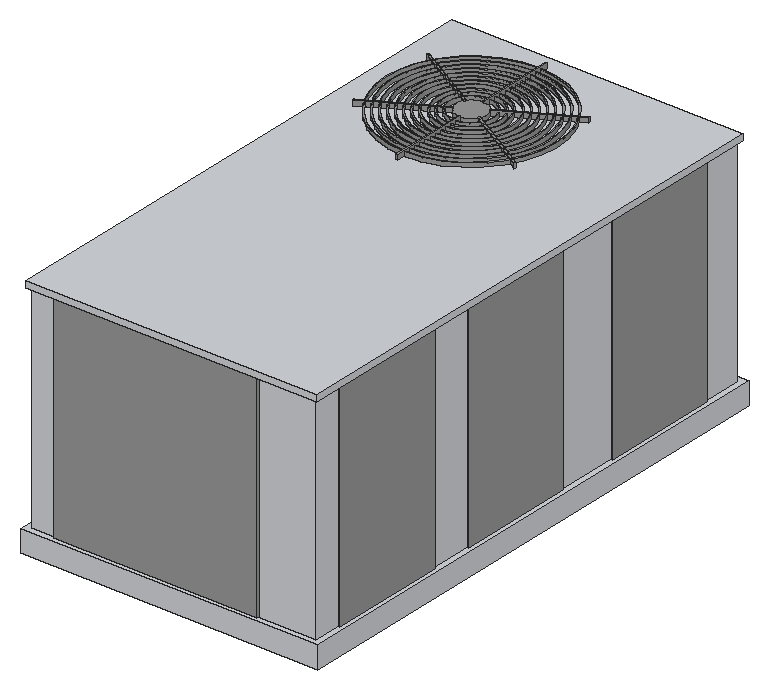
Revit family "RTU-2", category Mechanical Equipment, host Face, Revit 2025
Family settings
  Host = Face
  Round Connector Dimension = Use Diameter
  Classification = None
  Part Type = Normal
  Cut with Voids When Loaded = No
  Maintain Annotation Orientation = No
  Shared = No
  Room Calculation Point = No
Parameters (values of type "LCH 072 H4E E 1Y")
  Width = 47"
  URL = "https://tech.lennoxintl.com/C03e7o14l/VIu12Ch2uV/ehb_lch_abox_2103.pdf"
  Model = "LCH 072 H4E E 1Y"
  Manufacturer = "LENNOX"
  Length = 85 1/4"
  Grill Material = Steel, Paint Finish, Dark Gray
  Default Elevation = 48"
Reference planes (in)
  plane 1 "Center (Front/Back)": y = 0
  plane 2: z = 0
  plane 3 "Center (Left/Right)": x = 0
  plane 4: x = -30.90625
  plane 5: x = -31.90625
  plane 6: x = -32.90625
  plane 7: x = -33.90625
  plane 8: x = -34.90625
  plane 9: x = -35.90625
  plane 10: x = -36.90625
  plane 11: x = -37.90625
  plane 12: x = -38.90625
  plane 13: x = -39.90625
  plane 14: x = -40.90625
  plane 15: x = -42.34375
  plane 16: x = -41.03125
  plane 17: x = -41.90625
  plane 18: x = -41.90567
  plane 19: y = 22.75058
  plane 20: y = 21.75058
  plane 21: y = 20.75058
  plane 22: y = 19.75058
  plane 23: y = 18.75058
  plane 24: y = 17.75058
  plane 25: y = 16.75058
  plane 26: y = 15.75058
  plane 27: y = 14.75058
  plane 28: y = 13.75058
  plane 29: y = 12.75058
  plane 30: y = 11.31308
  plane 31: y = 12.62558
  plane 32: y = 11.75058
  plane 33: y = 11.75117
  plane 34: through (-19.01548, 19.50279, 94.70355) normal (0.866, 0.5, 0)
  plane 35: through (-17.13782, 18.87558, 94.70355) normal (-0.866, -0.5, 0)
  plane 36: through (6.39048, 19.50279, 94.70355) normal (0.866, -0.5, 0)
  plane 37: through (4.51282, 18.87558, 94.70355) normal (-0.866, 0.5, 0)
  plane 38: y = 38.93808
  plane 39: y = 37.62558
  plane 40: through (-19.01548, 30.74838, 94.70355) normal (-0.866, 0.5, 0)
  plane 41: through (-17.13782, 31.37558, 94.70355) normal (0.866, -0.5, 0)
  plane 42: through (6.39048, 30.74838, 94.70355) normal (-0.866, -0.5, 0)
  plane 43: through (4.51282, 31.37558, 94.70355) normal (0.866, 0.5, 0)
  plane 44: through (-34.15405, 50.35923, 110.75) normal (0.5, -0.866, 0)
  plane 45: through (-34.78125, 48.48157, 110.75) normal (-0.5, 0.866, 0)
  plane 46: through (-34.15405, 24.95327, 110.75) normal (-0.5, -0.866, 0)
  plane 47: through (-34.78125, 26.83093, 110.75) normal (0.5, 0.866, 0)
  plane 48: x = -14.71875
  plane 49: x = -16.03125
  plane 50: through (-22.90845, 50.35923, 110.75) normal (0.5, 0.866, 0)
  plane 51: through (-22.28125, 48.48157, 110.75) normal (-0.5, -0.866, 0)
  plane 52: through (-22.90845, 24.95327, 110.75) normal (-0.5, 0.866, 0)
  plane 53: through (-22.28125, 26.83093, 110.75) normal (0.5, -0.866, 0)
  plane 54: y = 16.875
  plane 55: x = 14
  plane 56: y = -16.125
  plane 57: x = 16.875
  plane 58: y = -0.75
  plane 59: x = -8.5
Forms (in)
  Extrusion 1, solid
    sketch origin (0, 0, 0) x (1, 0, 0) y (0, 1, 0)
      loop
        line (-23.5, 42.625) -> (-23.5, -42.625) -> (23.5, -42.625) -> (23.5, 42.625) -> (-23.5, 42.625)
    from 0 to 3.5
  Extrusion 2, solid, material "Steel, Paint Finish, Dark Gray" <- "Grill Material", not visible
    sketch origin (0, 0, 54.625) x (1, 0, 0) y (0, 1, 0)
      loop
        circle (-28.53125, 37.65625) r 2.375
      loop
        circle (-28.53125, 37.65625) r 3.375
      loop
        circle (-28.53125, 37.65625) r 3.5
      loop
        circle (-28.53125, 37.65625) r 4.375
      loop
        circle (-28.53125, 37.65625) r 5.25
      loop
        circle (-28.53125, 37.65625) r 4.5
      loop
        circle (-28.53125, 37.65625) r 5.375
      loop
        circle (-28.53125, 37.65625) r 6.375
      loop
        circle (-28.53125, 37.65625) r 7.375
      loop
        circle (-28.53125, 37.65625) r 9.375
      loop
        circle (-28.53125, 37.65625) r 10.375
      loop
        circle (-28.53125, 37.65625) r 11.375
      loop
        circle (-28.53125, 37.65625) r 12.375
      loop
        circle (-28.53125, 37.65625) r 12.5
      loop
        circle (-28.53125, 37.65625) r 7.5
      loop
        circle (-28.53125, 37.65625) r 9.5
      loop
        circle (-28.53125, 37.65625) r 10.5
      loop
        circle (-28.53125, 37.65625) r 11.5
      loop
        circle (-28.53125, 37.65625) r 8.375
      loop
        circle (-28.53125, 37.65625) r 8.5
      loop
        circle (-28.53125, 37.65625) r 6.5
      loop
        circle (-28.53125, 37.65625) r 13.375
      loop
        circle (-28.53125, 37.65625) r 13.5
    from 0 to 0.625
  Extrusion 3, solid, material "Steel, Paint Finish, Dark Gray" <- "Grill Material", not visible
    sketch origin (0, 0, 55.75) x (1, 0, 0) y (0, 1, 0)
      loop
        line (-43.28067, 37.78125) -> (-43.28067, 37.53125) -> (-30.90296, 37.53125)
        arc (-30.90296, 37.53125) -> (-30.90543, 37.59373) -> (-30.90625, 37.65625) r 2.375
        arc (-30.90625, 37.65625) -> (-30.90543, 37.71877) -> (-30.90296, 37.78125) r 2.375
        line (-30.90296, 37.78125) -> (-43.28067, 37.78125)
    from -1.125 to -0.3427
  Extrusion 4, solid, material "Steel, Paint Finish, Dark Gray" <- "Grill Material"
    sketch origin (31.34375, 53.65683, 38.57855) x (0, 1, 0) y (-1, 0, 0)
      loop
        circle (-28.53125, 37.65625) r 2.375
      loop
        circle (-28.53125, 37.65625) r 3.375
      loop
        circle (-28.53125, 37.65625) r 3.5
      loop
        circle (-28.53125, 37.65625) r 4.375
      loop
        circle (-28.53125, 37.65625) r 5.25
      loop
        circle (-28.53125, 37.65625) r 4.5
      loop
        circle (-28.53125, 37.65625) r 5.375
      loop
        circle (-28.53125, 37.65625) r 6.375
      loop
        circle (-28.53125, 37.65625) r 7.375
      loop
        circle (-28.53125, 37.65625) r 9.375
      loop
        circle (-28.53125, 37.65625) r 10.375
      loop
        circle (-28.53125, 37.65625) r 11.375
      loop
        circle (-28.53125, 37.65625) r 12.375
      loop
        circle (-28.53125, 37.65625) r 12.5
      loop
        circle (-28.53125, 37.65625) r 7.5
      loop
        circle (-28.53125, 37.65625) r 9.5
      loop
        circle (-28.53125, 37.65625) r 10.5
      loop
        circle (-28.53125, 37.65625) r 11.5
      loop
        circle (-28.53125, 37.65625) r 8.375
      loop
        circle (-28.53125, 37.65625) r 8.5
      loop
        circle (-28.53125, 37.65625) r 6.5
      loop
        circle (-28.53125, 37.65625) r 13.375
      loop
        circle (-28.53125, 37.65625) r 13.5
    from 0 to 0.625
  Extrusion 5, solid, material "Steel, Paint Finish, Dark Gray" <- "Grill Material"
    sketch origin (31.34375, 53.65683, 39.70355) x (0, 1, 0) y (-1, 0, 0)
      loop
        line (-43.28067, 37.78125) -> (-43.28067, 37.53125) -> (-30.90296, 37.53125)
        arc (-30.90296, 37.53125) -> (-30.90543, 37.59373) -> (-30.90625, 37.65625) r 2.375
        arc (-30.90625, 37.65625) -> (-30.90543, 37.71877) -> (-30.90296, 37.78125) r 2.375
        line (-30.90296, 37.78125) -> (-43.28067, 37.78125)
    from -1.125 to -0.3427
  Extrusion 6, solid, material "Steel, Paint Finish, Dark Gray" <- "Grill Material"
    sketch origin (37.22441, 6.77994, 39.70355) x (0.866025, 0.5, 0) y (-0.5, 0.866025, 0)
      loop
        line (-43.28067, 37.78125) -> (-43.28067, 37.53125) -> (-30.90296, 37.53125)
        arc (-30.90296, 37.53125) -> (-30.90543, 37.59373) -> (-30.90625, 37.65625) r 2.375
        arc (-30.90625, 37.65625) -> (-30.90543, 37.71877) -> (-30.90296, 37.78125) r 2.375
        line (-30.90296, 37.78125) -> (-43.28067, 37.78125)
    from -1.125 to -0.3427
  Extrusion 7, solid, material "Steel, Paint Finish, Dark Gray" <- "Grill Material"
    sketch origin (-49.84941, 6.77994, 39.70355) x (-0.866025, 0.5, 0) y (-0.5, -0.866025, 0)
      loop
        line (-43.28067, -37.78125) -> (-30.90296, -37.78125)
        arc (-30.90296, -37.78125) -> (-30.90543, -37.71877) -> (-30.90625, -37.65625) r 2.375
        arc (-30.90625, -37.65625) -> (-30.90543, -37.59373) -> (-30.90296, -37.53125) r 2.375
        line (-30.90296, -37.53125) -> (-43.28067, -37.53125) -> (-43.28067, -37.78125)
    from -1.125 to -0.3427
  Extrusion 8, solid, material "Steel, Paint Finish, Dark Gray" <- "Grill Material"
    sketch origin (31.34375, -3.40567, 39.70355) x (0, -1, 0) y (1, 0, 0)
      loop
        line (-43.28067, -37.78125) -> (-30.90296, -37.78125)
        arc (-30.90296, -37.78125) -> (-30.90543, -37.71877) -> (-30.90625, -37.65625) r 2.375
        arc (-30.90625, -37.65625) -> (-30.90543, -37.59373) -> (-30.90296, -37.53125) r 2.375
        line (-30.90296, -37.53125) -> (-43.28067, -37.53125) -> (-43.28067, -37.78125)
    from -1.125 to -0.3427
  Extrusion 9, solid, material "Steel, Paint Finish, Dark Gray" <- "Grill Material"
    sketch origin (37.22441, 43.47123, 39.70355) x (0.866025, -0.5, 0) y (0.5, 0.866025, 0)
      loop
        line (-43.28067, -37.78125) -> (-30.90296, -37.78125)
        arc (-30.90296, -37.78125) -> (-30.90543, -37.71877) -> (-30.90625, -37.65625) r 2.375
        arc (-30.90625, -37.65625) -> (-30.90543, -37.59373) -> (-30.90296, -37.53125) r 2.375
        line (-30.90296, -37.53125) -> (-43.28067, -37.53125) -> (-43.28067, -37.78125)
    from -1.125 to -0.3427
  Extrusion 10, solid, material "Steel, Paint Finish, Dark Gray" <- "Grill Material"
    sketch origin (-49.84941, 43.47123, 39.70355) x (-0.866025, -0.5, 0) y (0.5, -0.866025, 0)
      loop
        line (-43.28067, 37.78125) -> (-43.28067, 37.53125) -> (-30.90296, 37.53125)
        arc (-30.90296, 37.53125) -> (-30.90543, 37.59373) -> (-30.90625, 37.65625) r 2.375
        arc (-30.90625, 37.65625) -> (-30.90543, 37.71877) -> (-30.90296, 37.78125) r 2.375
        line (-30.90296, 37.78125) -> (-43.28067, 37.78125)
    from -1.125 to -0.3427
  Extrusion 11, solid, material "Steel, Paint Finish, Dark Gray" <- "Grill Material", not visible
    sketch origin (-46.87689, -5.88066, 55.75) x (0.5, -0.866025, 0) y (0.866025, 0.5, 0)
      loop
        line (-43.28067, 37.78125) -> (-43.28067, 37.53125) -> (-30.90296, 37.53125)
        arc (-30.90296, 37.53125) -> (-30.90543, 37.59373) -> (-30.90625, 37.65625) r 2.375
        arc (-30.90625, 37.65625) -> (-30.90543, 37.71877) -> (-30.90296, 37.78125) r 2.375
        line (-30.90296, 37.78125) -> (-43.28067, 37.78125)
    from -1.125 to -0.3427
  Extrusion 12, solid, material "Steel, Paint Finish, Dark Gray" <- "Grill Material", not visible
    sketch origin (-46.87689, 81.19316, 55.75) x (0.5, 0.866025, 0) y (-0.866025, 0.5, 0)
      loop
        line (-43.28067, -37.78125) -> (-30.90296, -37.78125)
        arc (-30.90296, -37.78125) -> (-30.90543, -37.71877) -> (-30.90625, -37.65625) r 2.375
        arc (-30.90625, -37.65625) -> (-30.90543, -37.59373) -> (-30.90296, -37.53125) r 2.375
        line (-30.90296, -37.53125) -> (-43.28067, -37.53125) -> (-43.28067, -37.78125)
    from -1.125 to -0.3427
  Extrusion 13, solid, material "Steel, Paint Finish, Dark Gray" <- "Grill Material", not visible
    sketch origin (-57.0625, 0, 55.75) x (-1, 0, 0) y (0, -1, 0)
      loop
        line (-43.28067, -37.78125) -> (-30.90296, -37.78125)
        arc (-30.90296, -37.78125) -> (-30.90543, -37.71877) -> (-30.90625, -37.65625) r 2.375
        arc (-30.90625, -37.65625) -> (-30.90543, -37.59373) -> (-30.90296, -37.53125) r 2.375
        line (-30.90296, -37.53125) -> (-43.28067, -37.53125) -> (-43.28067, -37.78125)
    from -1.125 to -0.3427
  Extrusion 14, solid, material "Steel, Paint Finish, Dark Gray" <- "Grill Material", not visible
    sketch origin (-10.18561, -5.88066, 55.75) x (-0.5, -0.866025, 0) y (0.866025, -0.5, 0)
      loop
        line (-43.28067, -37.78125) -> (-30.90296, -37.78125)
        arc (-30.90296, -37.78125) -> (-30.90543, -37.71877) -> (-30.90625, -37.65625) r 2.375
        arc (-30.90625, -37.65625) -> (-30.90543, -37.59373) -> (-30.90296, -37.53125) r 2.375
        line (-30.90296, -37.53125) -> (-43.28067, -37.53125) -> (-43.28067, -37.78125)
    from -1.125 to -0.3427
  Extrusion 15, solid, material "Steel, Paint Finish, Dark Gray" <- "Grill Material", not visible
    sketch origin (-10.18561, 81.19316, 55.75) x (-0.5, 0.866025, 0) y (-0.866025, -0.5, 0)
      loop
        line (-43.28067, 37.78125) -> (-43.28067, 37.53125) -> (-30.90296, 37.53125)
        arc (-30.90296, 37.53125) -> (-30.90543, 37.59373) -> (-30.90625, 37.65625) r 2.375
        arc (-30.90625, 37.65625) -> (-30.90543, 37.71877) -> (-30.90296, 37.78125) r 2.375
        line (-30.90296, 37.78125) -> (-43.28067, 37.78125)
    from -1.125 to -0.3427
  Extrusion 16, solid
    sketch origin (0, 0, 0) x (1, 0, 0) y (0, 1, 0)
      loop
        line (-22.5, 41.625) -> (-22.5, -41.625) -> (22.5, -41.625) -> (22.5, 41.625) -> (-22.5, 41.625)
    from 3.5 to 37.57855
  Extrusion 17, void
    sketch origin (0, 0, 0) x (1, 0, 0) y (0, 1, 0)
      loop
        line (-18.5, 8.25) -> (-18.5, -9.75) -> (1.5, -9.75) -> (1.5, 8.25) -> (-18.5, 8.25)
      loop
        line (-16.5, -26) -> (-16.5, -37) -> (12.5, -37) -> (12.5, -26) -> (-16.5, -26)
      loop
        arc (13.5, 20.875) -> (12.79289, 20.58211) -> (12.5, 19.875) r 1
        line (12.5, 19.875) -> (12.5, 13.875)
        arc (12.5, 13.875) -> (12.79289, 13.16789) -> (13.5, 12.875) r 1
        line (13.5, 12.875) -> (14.5, 12.875)
        arc (14.5, 12.875) -> (15.20711, 13.16789) -> (15.5, 13.875) r 1
        line (15.5, 13.875) -> (15.5, 19.875)
        arc (15.5, 19.875) -> (15.20711, 20.58211) -> (14.5, 20.875) r 1
        line (14.5, 20.875) -> (13.5, 20.875)
      loop
        circle (16.875, -16.125) r 1
    from 0 to 3.5
  Extrusion 18, solid
    sketch origin (0, 0, 0) x (1, 0, 0) y (0, 1, 0)
      loop
        line (-23, 42.125) -> (-23, -42.125) -> (23, -42.125) -> (23, 42.125) -> (-23, 42.125)
    from 37.57855 to 38.57855
  Extrusion 19, void
    sketch origin (0, 0, 0) x (0, 1, 0) y (0, 0, 1)
      loop
        line (39.875, 37.57855) -> (10.75738, 37.57855) -> (10.75738, 3.5) -> (39.875, 3.5) -> (39.875, 37.57855)
    from -23.5 to -21.24899
Cuts and joins
  Extrusion 17, Extrusion 19 cuts Extrusion 1
  Extrusion 17, Extrusion 19 cuts Extrusion 16
  Extrusion 19 cuts Extrusion 18
Dimensions and locks (in)
  equal spacing: Extrusion 1 sketch curve, plane 1 "Center (Front/Back)", Extrusion 1 sketch curve
  equal spacing: Extrusion 1 sketch curve, plane 3 "Center (Left/Right)", Extrusion 1 sketch curve
  "Width": Extrusion 1 sketch curve to Extrusion 1 sketch curve
  "Length": Extrusion 1 sketch curve to Extrusion 1 sketch curve
  Extrusion 1 to Extrusion 17 sketch curve = 5 5/8"
  Extrusion 1 to Extrusion 17 sketch curve = 7"
  Extrusion 1 to Extrusion 17 sketch curve = 5"
  Extrusion 1 to plane 54 = 25 3/4"
  plane 55 to Extrusion 1 = 9 1/2"
  plane 57 to Extrusion 1 = 6 5/8"
  plane 56 to Extrusion 1 = 26 1/2"
  nested 5 to level = 5 1/2"
  nested 5 to Extrusion 18 = 2"
  nested 6 to nested 5 = 18 3/8"
  cut or joined group of Extrusion 16, Extrusion 17, Extrusion 19 to cut or joined group of Extrusion 16, Extrusion 17, Extrusion 19 = 29.11762"
  equal spacing: group 3, group 4, group 5, group 6, group 7, group 8, group 9, group 10, group 11, group 12, group 13, group 14, group 15, group 16, group 17, group 18, group 19, group 20, group 21  (x2)
  equal spacing: group 21, group 20, group 19, group 18, group 17, group 16, group 15, group 14, group 13, group 12, group 11, group 10, group 9, group 8, group 7, group 6, group 5, group 4, group 3
  aligned and locked: plane 2 to host face
  aligned and locked: level to host face
Automatic sketch dimensions
  host sketch curve to host sketch curve = 96"  (x2)
  Extrusion 4 sketch curve to Extrusion 4 sketch curve = 0"  (x297)
  Extrusion 5 sketch curve to Extrusion 5 sketch curve = 2.37171"
  Extrusion 6 sketch curve to Extrusion 6 sketch curve = 2.37171"
  Extrusion 6 sketch curve to plane 34 = 0.93692"
  Extrusion 7 sketch curve to Extrusion 7 sketch curve = 2.37171"
  Extrusion 7 sketch curve to Extrusion 7 sketch curve = 0"  (x3)
  Extrusion 7 sketch curve to plane 36 = 0.93692"
  Extrusion 7 sketch curve to Extrusion 7 sketch curve = 1/8"
  Extrusion 8 sketch curve to Extrusion 8 sketch curve = 2.37171"
  Extrusion 8 sketch curve to plane 38 = 0.93692"
  Extrusion 9 sketch curve to Extrusion 9 sketch curve = 2.37171"
  Extrusion 9 sketch curve to Extrusion 9 sketch curve = 0"  (x3)
  Extrusion 9 sketch curve to plane 40 = 0.93692"
  Extrusion 9 sketch curve to Extrusion 9 sketch curve = 1/8"
  Extrusion 10 sketch curve to Extrusion 10 sketch curve = 2.37171"
  Extrusion 10 sketch curve to plane 42 = 0.93692"
  Extrusion 2 sketch curve to Extrusion 2 sketch curve = 0"  (x297)
  Extrusion 3 sketch curve to Extrusion 3 sketch curve = 2.37171"
  Extrusion 4 sketch curve to plane 19 = 2 3/8"
  Extrusion 5 sketch curve to Extrusion 5 sketch curve = 0"  (x3)
  Extrusion 5 sketch curve to plane 31 = 10.12829"
  Extrusion 6 sketch curve to Extrusion 6 sketch curve = 0"  (x3)
  Extrusion 6 sketch curve to plane 35 = 10.12829"
  Extrusion 6 sketch curve to Extrusion 6 sketch curve = 1/8"
  Extrusion 7 sketch curve to plane 37 = 10.12829"
  Extrusion 8 sketch curve to Extrusion 8 sketch curve = 0"  (x4)
  Extrusion 8 sketch curve to plane 39 = 10.12829"
  Extrusion 9 sketch curve to plane 41 = 10.12829"
  Extrusion 10 sketch curve to Extrusion 10 sketch curve = 0"  (x3)
  Extrusion 10 sketch curve to plane 43 = 10.12829"
  Extrusion 10 sketch curve to Extrusion 10 sketch curve = 1/8"
  Extrusion 5 sketch curve to plane 30 = 0.93692"
  Extrusion 5 sketch curve to Extrusion 5 sketch curve = 1/8"
  plane 33 to Extrusion 6 sketch curve = 5.89145"
  plane 33 to Extrusion 7 sketch curve = 12.29681"
  Extrusion 8 sketch curve to Extrusion 8 sketch curve = 1/8"
  plane 33 to Extrusion 9 sketch curve = 14.45202"
  plane 33 to Extrusion 10 sketch curve = 20.85738"
  Extrusion 2 sketch curve to plane 4 = 2 3/8"
  Extrusion 3 sketch curve to Extrusion 3 sketch curve = 0"  (x3)
  Extrusion 3 sketch curve to plane 16 = 10.12829"
  Extrusion 11 sketch curve to Extrusion 11 sketch curve = 0"  (x3)
  Extrusion 11 sketch curve to plane 45 = 10.12829"
  Extrusion 11 sketch curve to Extrusion 11 sketch curve = 1/8"
  Extrusion 12 sketch curve to Extrusion 12 sketch curve = 0"  (x2)
  Extrusion 12 sketch curve to plane 47 = 10.12829"
  Extrusion 13 sketch curve to Extrusion 13 sketch curve = 0"  (x4)
  Extrusion 13 sketch curve to plane 49 = 10.12829"
  Extrusion 14 sketch curve to Extrusion 14 sketch curve = 0"  (x2)
  Extrusion 14 sketch curve to plane 51 = 10.12829"
  Extrusion 15 sketch curve to Extrusion 15 sketch curve = 0"  (x3)
  Extrusion 15 sketch curve to plane 53 = 10.12829"
  Extrusion 15 sketch curve to Extrusion 15 sketch curve = 1/8"
  Extrusion 3 sketch curve to plane 15 = 0.93692"
  Extrusion 3 sketch curve to Extrusion 3 sketch curve = 1/8"
  plane 18 to Extrusion 11 sketch curve = 5.89145"
  plane 18 to Extrusion 12 sketch curve = 12.29681"
  Extrusion 13 sketch curve to Extrusion 13 sketch curve = 1/8"
  plane 18 to Extrusion 14 sketch curve = 14.45202"
  plane 18 to Extrusion 15 sketch curve = 20.85738"
  Extrusion 16 sketch curve to plane 3 "Center (Left/Right)" = 22 1/2"
  plane 3 "Center (Left/Right)" to Extrusion 16 sketch curve = 22 1/2"
  plane 1 "Center (Front/Back)" to Extrusion 16 sketch curve = 41 5/8"
  plane 33 to Extrusion 16 sketch curve = 29.87383"
  Extrusion 17 sketch curve to plane 56 = 0"
  Extrusion 17 sketch curve to plane 57 = 0"
  plane 3 "Center (Left/Right)" to Extrusion 17 sketch curve = 1 1/2"
  Extrusion 17 sketch curve to plane 55 = 1 1/2"  (x2)
  Extrusion 17 sketch curve to plane 55 = 1/2"  (x2)
  plane 55 to Extrusion 17 sketch curve = 1/2"  (x2)
  Extrusion 17 sketch curve to Extrusion 17 sketch curve = 1"
  Extrusion 17 sketch curve to plane 56 = 9 7/8"
  plane 56 to Extrusion 17 sketch curve = 6 3/8"
  Extrusion 17 sketch curve to plane 33 = 3.50117"
  plane 33 to Extrusion 17 sketch curve = 1.12383"
  plane 54 to Extrusion 17 sketch curve = 3"
  Extrusion 18 sketch curve to plane 3 "Center (Left/Right)" = 23"
  plane 3 "Center (Left/Right)" to Extrusion 18 sketch curve = 23"
  plane 1 "Center (Front/Back)" to Extrusion 18 sketch curve = 42 1/8"
  plane 33 to Extrusion 18 sketch curve = 30.37383"
  Extrusion 19 sketch curve to plane 33 = 0.99379"
  level to Extrusion 19 sketch curve = 3 1/2"
  plane 33 to Extrusion 19 sketch curve = 28.12383"
  Extrusion 19 sketch curve to Extrusion 19 sketch curve = 34.07855"
  radius of Extrusion 4 sketch curve = 2 3/8"
  radius of Extrusion 4 sketch curve = 3 3/8"
  radius of Extrusion 4 sketch curve = 3 1/2"
  radius of Extrusion 4 sketch curve = 4 3/8"
  radius of Extrusion 4 sketch curve = 5 1/4"
  radius of Extrusion 4 sketch curve = 4 1/2"
  radius of Extrusion 4 sketch curve = 5 3/8"
  radius of Extrusion 4 sketch curve = 6 3/8"
  radius of Extrusion 4 sketch curve = 7 3/8"
  radius of Extrusion 4 sketch curve = 9 3/8"
  radius of Extrusion 4 sketch curve = 10 3/8"
  radius of Extrusion 4 sketch curve = 11 3/8"
  radius of Extrusion 4 sketch curve = 12 3/8"
  radius of Extrusion 4 sketch curve = 12 1/2"
  radius of Extrusion 4 sketch curve = 7 1/2"
  radius of Extrusion 4 sketch curve = 9 1/2"
  radius of Extrusion 4 sketch curve = 10 1/2"
  radius of Extrusion 4 sketch curve = 11 1/2"
  radius of Extrusion 4 sketch curve = 8 3/8"
  radius of Extrusion 4 sketch curve = 8 1/2"
  radius of Extrusion 4 sketch curve = 6 1/2"
  radius of Extrusion 4 sketch curve = 13 3/8"
  radius of Extrusion 4 sketch curve = 13 1/2"
  radius of Extrusion 2 sketch curve = 2 3/8"
  radius of Extrusion 2 sketch curve = 3 3/8"
  radius of Extrusion 2 sketch curve = 3 1/2"
  radius of Extrusion 2 sketch curve = 4 3/8"
  radius of Extrusion 2 sketch curve = 5 1/4"
  radius of Extrusion 2 sketch curve = 4 1/2"
  radius of Extrusion 2 sketch curve = 5 3/8"
  radius of Extrusion 2 sketch curve = 6 3/8"
  radius of Extrusion 2 sketch curve = 7 3/8"
  radius of Extrusion 2 sketch curve = 9 3/8"
  radius of Extrusion 2 sketch curve = 10 3/8"
  radius of Extrusion 2 sketch curve = 11 3/8"
  radius of Extrusion 2 sketch curve = 12 3/8"
  radius of Extrusion 2 sketch curve = 12 1/2"
  radius of Extrusion 2 sketch curve = 7 1/2"
  radius of Extrusion 2 sketch curve = 9 1/2"
  radius of Extrusion 2 sketch curve = 10 1/2"
  radius of Extrusion 2 sketch curve = 11 1/2"
  radius of Extrusion 2 sketch curve = 8 3/8"
  radius of Extrusion 2 sketch curve = 8 1/2"
  radius of Extrusion 2 sketch curve = 6 1/2"
  radius of Extrusion 2 sketch curve = 13 3/8"
  radius of Extrusion 2 sketch curve = 13 1/2"
  radius of Extrusion 17 sketch curve = 1"
Nested families (in)
  nested 1: "Panel" at (22.5, -27.875, 20.53928) x (0, 1, 0) z (1, 0, 0), type "Panel"
    with Width 18 3/4", Length 34.07855"
  nested 2: "Panel" at (22.5, -2.4375, 20.53928) x (0, 1, 0) z (1, 0, 0), type "Panel"
    with Width 18 3/4", Length 34.07855"
  nested 3: "Panel" at (22.5, 26.0625, 20.53928) x (0, 1, 0) z (1, 0, 0), type "Panel"
    with Width 18 3/4", Length 34.07855"
  nested 4: "Panel" at (-2.71875, -41.625, 20.53928) x (-1, 0, 0) z (0, -1, 0), type "Panel"
    with Width 32 3/16", Length 34.07855"
  nested 5: "Panel" at (-22.5, -34.625, 20) x (0, 1, 0) z (-1, 0, 0), type "Panel"
    with Width 11", Length 29"
  nested 6: "Panel" at (-22.5, -1, 15.5) x (0, 1, 0) z (-1, 0, 0), type "Panel"
    with Width 19 1/2", Length 20"
  nested 7: "Family1" at (-21.5, 39.875, 35.95355) x (0, -1, 0) z (-1, 0, 0), type "Family1"
    with Space 233/256", built-in parameter 1001306 2.4792 (stored number, unit not read), Count 32
  nested 8: "Family1" at (-21.5, 39.875, 34.20355) x (0, -1, 0) z (-1, 0, 0), type "Family1"
    with Space 233/256", built-in parameter 1001306 2.4792 (stored number, unit not read), Count 32
  nested 9: "Family1" at (-21.5, 39.875, 32.45355) x (0, -1, 0) z (-1, 0, 0), type "Family1"
    with Space 233/256", built-in parameter 1001306 2.4792 (stored number, unit not read), Count 32
  nested 10: "Family1" at (-21.5, 39.875, 30.70355) x (0, -1, 0) z (-1, 0, 0), type "Family1"
    with Space 233/256", built-in parameter 1001306 2.4792 (stored number, unit not read), Count 32
  nested 11: "Family1" at (-21.5, 39.875, 28.95355) x (0, -1, 0) z (-1, 0, 0), type "Family1"
    with Space 233/256", built-in parameter 1001306 2.4792 (stored number, unit not read), Count 32
  nested 12: "Family1" at (-21.5, 39.875, 27.20355) x (0, -1, 0) z (-1, 0, 0), type "Family1"
    with Space 233/256", built-in parameter 1001306 2.4792 (stored number, unit not read), Count 32
  nested 13: "Family1" at (-21.5, 39.875, 25.45355) x (0, -1, 0) z (-1, 0, 0), type "Family1"
    with Space 233/256", built-in parameter 1001306 2.4792 (stored number, unit not read), Count 32
  nested 14: "Family1" at (-21.5, 39.875, 23.70355) x (0, -1, 0) z (-1, 0, 0), type "Family1"
    with Space 233/256", built-in parameter 1001306 2.4792 (stored number, unit not read), Count 32
  nested 15: "Family1" at (-21.5, 39.875, 21.95355) x (0, -1, 0) z (-1, 0, 0), type "Family1"
    with Space 233/256", built-in parameter 1001306 2.4792 (stored number, unit not read), Count 32
  nested 16: "Family1" at (-21.5, 39.875, 20.20355) x (0, -1, 0) z (-1, 0, 0), type "Family1"
    with Space 233/256", built-in parameter 1001306 2.4792 (stored number, unit not read), Count 32
  nested 17: "Family1" at (-21.5, 39.875, 18.45355) x (0, -1, 0) z (-1, 0, 0), type "Family1"
    with Space 233/256", built-in parameter 1001306 2.4792 (stored number, unit not read), Count 32
  nested 18: "Family1" at (-21.5, 39.875, 16.70355) x (0, -1, 0) z (-1, 0, 0), type "Family1"
    with Space 233/256", built-in parameter 1001306 2.4792 (stored number, unit not read), Count 32
  nested 19: "Family1" at (-21.5, 39.875, 14.95355) x (0, -1, 0) z (-1, 0, 0), type "Family1"
    with Space 233/256", built-in parameter 1001306 2.4792 (stored number, unit not read), Count 32
  nested 20: "Family1" at (-21.5, 39.875, 13.20355) x (0, -1, 0) z (-1, 0, 0), type "Family1"
    with Space 233/256", built-in parameter 1001306 2.4792 (stored number, unit not read), Count 32
  nested 21: "Family1" at (-21.5, 39.875, 11.45355) x (0, -1, 0) z (-1, 0, 0), type "Family1"
    with Space 233/256", built-in parameter 1001306 2.4792 (stored number, unit not read), Count 32
  nested 22: "Family1" at (-21.5, 39.875, 9.70355) x (0, -1, 0) z (-1, 0, 0), type "Family1"
    with Space 233/256", built-in parameter 1001306 2.4792 (stored number, unit not read), Count 32
  nested 23: "Family1" at (-21.5, 39.875, 7.95355) x (0, -1, 0) z (-1, 0, 0), type "Family1"
    with Space 233/256", built-in parameter 1001306 2.4792 (stored number, unit not read), Count 32
  nested 24: "Family1" at (-21.5, 39.875, 6.20355) x (0, -1, 0) z (-1, 0, 0), type "Family1"
    with Space 233/256", built-in parameter 1001306 2.4792 (stored number, unit not read), Count 32
  nested 25: "Family1" at (-21.5, 39.875, 4.45355) x (0, -1, 0) z (-1, 0, 0), type "Family1"
    with Space 233/256", built-in parameter 1001306 2.4792 (stored number, unit not read), Count 32
Connectors (in)
  hvac at (-8.5, -0.75, 3.5)
    settings: on cut or joined group of Extrusion 1, Extrusion 17, Extrusion 19, index 1, duct flow 0 CFM, flow factor 0, pres drop 0.00 in-wg, loss coef 0, conn angle 0.00°, conn width 20", conn height 18", conn diameter 24", duct sys type 1, conn prof type 1, flow config 0, flow direction 0, loss method 0, conn ref index -1, conn util no, is conn primary yes, conn desc ""
Definition of nested family "Panel"
  Parameters (values of type "Panel")
    Width [instance] = 21 9/16"
    Material = none
    Length [instance] = 49 7/16"
    Default Elevation = 48"
  Reference planes (in)
    plane 1 "Center (Front/Back)": y = 0
    plane 2: z = 0
    plane 3 "Center (Left/Right)": x = 0
    plane 4: z = 0.25
    plane 5: x = -10.78125
    plane 6: x = 10.78125
    plane 7: y = 24.71875
    plane 8: y = -24.71875
  Forms (in)
    Extrusion 1, solid
      sketch origin (0, 0, 0) x (1, 0, 0) y (0, 1, 0)
        loop
          line (-48, 48) -> (-48, -48) -> (48, -48) -> (48, 48) -> (-48, 48)
      from 0 to -12
    Extrusion 2, solid, material <- "Material"
      sketch origin (0, 0, 0) x (1, 0, 0) y (0, 1, 0)
        loop
          line (-10.78125, 24.71875) -> (-10.78125, -24.71875) -> (10.78125, -24.71875) -> (10.78125, 24.71875) -> (-10.78125, 24.71875)
      from 0 to 0.25
  Dimensions and locks (in)
    plane 4 to plane 2 = 1/4"
    equal spacing: plane 5, plane 3 "Center (Left/Right)", plane 6
    equal spacing: plane 7, plane 1 "Center (Front/Back)", plane 8
    "Length": plane 7 to plane 8
    "Width": plane 5 to plane 6
    aligned and locked: plane 2 to Extrusion 1
    aligned and locked: level to Extrusion 1
    aligned and locked: plane 4 to Extrusion 2
    aligned and locked: Extrusion 2 to plane 6
    aligned and locked: Extrusion 2 to plane 5
    aligned and locked: plane 8 to Extrusion 2
    aligned and locked: plane 7 to Extrusion 2
  Automatic sketch dimensions
    Extrusion 1 sketch curve to Extrusion 1 sketch curve = 96"  (x2)
    plane 5 to Extrusion 2 sketch curve = 0"
    Extrusion 2 sketch curve to plane 6 = 0"
    plane 1 "Center (Front/Back)" to Extrusion 2 sketch curve = 24 23/32"
    Extrusion 2 sketch curve to plane 1 "Center (Front/Back)" = 24 23/32"
Definition of nested family "Family1"
  Parameters (values of type "Family1")
    Space [instance] = 233/256"
    built-in parameter 1001306 [instance] = 51"
    Depth = 1"
    Default Elevation = 0"
    Count [instance] = rounddown([built-in parameter 1001306] / Space)  # 56
  Reference planes (in)
    plane 1 "Center (Front/Back)": y = 0
    plane 2: z = 0
    plane 3 "Left": x = 0
    plane 4 "Right": x = 51
    plane 5: y = 1.25
    plane 6: x = 0.45496
    plane 7: z = 1
    plane 8: y = 1.25
    plane 9: x = 1.36489
    plane 10: y = 1.25
    plane 11: x = 2.27481
    plane 12: y = 1.25
    plane 13: x = 3.18474
    plane 14: x = 0.90993
    plane 15: y = 1.25
    plane 16: x = 4.09467
    plane 17: y = 1.25
    plane 18: x = 5.00459
    plane 19: y = 1.25
    plane 20: x = 5.91452
    plane 21: y = 1.25
    plane 22: x = 6.82444
    plane 23: y = 1.25
    plane 24: x = 7.73437
    plane 25: y = 1.25
    plane 26: x = 8.64429
    plane 27: y = 1.25
    plane 28: x = 9.55422
    plane 29: y = 1.25
    plane 30: x = 10.46414
    plane 31: y = 1.25
    plane 32: x = 11.37407
    plane 33: y = 1.25
    plane 34: x = 12.284
    plane 35: y = 1.25
    plane 36: x = 13.19392
    plane 37: y = 1.25
    plane 38: x = 14.10385
    plane 39: y = 1.25
    plane 40: x = 15.01377
    plane 41: y = 1.25
    plane 42: x = 15.9237
    plane 43: y = 1.25
    plane 44: x = 16.83362
    plane 45: y = 1.25
    plane 46: x = 17.74355
    plane 47: y = 1.25
    plane 48: x = 18.65347
    plane 49: y = 1.25
    plane 50: x = 19.5634
    plane 51: y = 1.25
    plane 52: x = 20.47333
    plane 53: y = 1.25
    plane 54: x = 21.38325
    plane 55: y = 1.25
    plane 56: x = 22.29318
    plane 57: y = 1.25
    plane 58: x = 23.2031
    plane 59: y = 1.25
    plane 60: x = 24.11303
    plane 61: y = 1.25
    plane 62: x = 25.02295
    plane 63: y = 1.25
    plane 64: x = 25.93288
    plane 65: y = 1.25
    plane 66: x = 26.8428
    plane 67: y = 1.25
    plane 68: x = 27.75273
    plane 69: y = 1.25
    plane 70: x = 28.66266
    plane 71: y = 1.25
    plane 72: x = 29.57258
    plane 73: y = 1.25
    plane 74: x = 30.48251
    plane 75: y = 1.25
    plane 76: x = 31.39243
    plane 77: y = 1.25
    plane 78: x = 32.30236
    plane 79: y = 1.25
    plane 80: x = 33.21228
    plane 81: y = 1.25
    plane 82: x = 34.12221
    plane 83: y = 1.25
    plane 84: x = 35.03214
    plane 85: y = 1.25
    plane 86: x = 35.94206
    plane 87: y = 1.25
    plane 88: x = 36.85199
    plane 89: y = 1.25
    plane 90: x = 37.76191
    plane 91: y = 1.25
    plane 92: x = 38.67184
    plane 93: y = 1.25
    plane 94: x = 39.58176
    plane 95: y = 1.25
    plane 96: x = 40.49169
    plane 97: y = 1.25
    plane 98: x = 41.40161
    plane 99: y = 1.25
    plane 100: x = 42.31154
    plane 101: y = 1.25
    plane 102: x = 43.22147
    plane 103: y = 1.25
    plane 104: x = 44.13139
    plane 105: y = 1.25
    plane 106: x = 45.04132
    plane 107: y = 1.25
    plane 108: x = 45.95124
    plane 109: y = 1.25
    plane 110: x = 46.86117
    plane 111: y = 1.25
    plane 112: x = 47.77109
    plane 113: y = 1.25
    plane 114: x = 48.68102
    plane 115: y = 1.25
    plane 116: x = 49.59094
    plane 117: y = 1.25
    plane 118: x = 50.50087
  Forms (in)
    Extrusion 1, solid
      sketch origin (0, 0, 0) x (1, 0, 0) y (0, 1, 0)
        loop
          line (0, 0) -> (0.06651, 0) -> (0.45496, 1.06726) -> (0.84341, 0) -> (0.90993, 0) -> (0.45496, 1.25) -> (0, 0)
      from 0 to 1
    Extrusion 2, solid
      sketch origin (0.90993, 0, 0) x (1, 0, 0) y (0, 1, 0)
        loop
          line (0, 0) -> (0.06651, 0) -> (0.45496, 1.06726) -> (0.84341, 0) -> (0.90993, 0) -> (0.45496, 1.25) -> (0, 0)
      from 0 to 1
    Extrusion 3, solid
      sketch origin (1.81985, 0, 0) x (1, 0, 0) y (0, 1, 0)
        loop
          line (0, 0) -> (0.06651, 0) -> (0.45496, 1.06726) -> (0.84341, 0) -> (0.90993, 0) -> (0.45496, 1.25) -> (0, 0)
      from 0 to 1
    Extrusion 4, solid
      sketch origin (2.72978, 0, 0) x (1, 0, 0) y (0, 1, 0)
        loop
          line (0, 0) -> (0.06651, 0) -> (0.45496, 1.06726) -> (0.84341, 0) -> (0.90993, 0) -> (0.45496, 1.25) -> (0, 0)
      from 0 to 1
    Extrusion 5, solid
      sketch origin (3.6397, 0, 0) x (1, 0, 0) y (0, 1, 0)
        loop
          line (0, 0) -> (0.06651, 0) -> (0.45496, 1.06726) -> (0.84341, 0) -> (0.90993, 0) -> (0.45496, 1.25) -> (0, 0)
      from 0 to 1
    Extrusion 6, solid
      sketch origin (4.54963, 0, 0) x (1, 0, 0) y (0, 1, 0)
        loop
          line (0, 0) -> (0.06651, 0) -> (0.45496, 1.06726) -> (0.84341, 0) -> (0.90993, 0) -> (0.45496, 1.25) -> (0, 0)
      from 0 to 1
    Extrusion 7, solid
      sketch origin (5.45955, 0, 0) x (1, 0, 0) y (0, 1, 0)
        loop
          line (0, 0) -> (0.06651, 0) -> (0.45496, 1.06726) -> (0.84341, 0) -> (0.90993, 0) -> (0.45496, 1.25) -> (0, 0)
      from 0 to 1
    Extrusion 8, solid
      sketch origin (6.36948, 0, 0) x (1, 0, 0) y (0, 1, 0)
        loop
          line (0, 0) -> (0.06651, 0) -> (0.45496, 1.06726) -> (0.84341, 0) -> (0.90993, 0) -> (0.45496, 1.25) -> (0, 0)
      from 0 to 1
    Extrusion 9, solid
      sketch origin (7.2794, 0, 0) x (1, 0, 0) y (0, 1, 0)
        loop
          line (0, 0) -> (0.06651, 0) -> (0.45496, 1.06726) -> (0.84341, 0) -> (0.90993, 0) -> (0.45496, 1.25) -> (0, 0)
      from 0 to 1
    Extrusion 10, solid
      sketch origin (8.18933, 0, 0) x (1, 0, 0) y (0, 1, 0)
        loop
          line (0, 0) -> (0.06651, 0) -> (0.45496, 1.06726) -> (0.84341, 0) -> (0.90993, 0) -> (0.45496, 1.25) -> (0, 0)
      from 0 to 1
    Extrusion 11, solid
      sketch origin (9.09926, 0, 0) x (1, 0, 0) y (0, 1, 0)
        loop
          line (0, 0) -> (0.06651, 0) -> (0.45496, 1.06726) -> (0.84341, 0) -> (0.90993, 0) -> (0.45496, 1.25) -> (0, 0)
      from 0 to 1
    Extrusion 12, solid
      sketch origin (10.00918, 0, 0) x (1, 0, 0) y (0, 1, 0)
        loop
          line (0, 0) -> (0.06651, 0) -> (0.45496, 1.06726) -> (0.84341, 0) -> (0.90993, 0) -> (0.45496, 1.25) -> (0, 0)
      from 0 to 1
    Extrusion 13, solid
      sketch origin (10.91911, 0, 0) x (1, 0, 0) y (0, 1, 0)
        loop
          line (0, 0) -> (0.06651, 0) -> (0.45496, 1.06726) -> (0.84341, 0) -> (0.90993, 0) -> (0.45496, 1.25) -> (0, 0)
      from 0 to 1
    Extrusion 14, solid
      sketch origin (11.82903, 0, 0) x (1, 0, 0) y (0, 1, 0)
        loop
          line (0, 0) -> (0.06651, 0) -> (0.45496, 1.06726) -> (0.84341, 0) -> (0.90993, 0) -> (0.45496, 1.25) -> (0, 0)
      from 0 to 1
    Extrusion 15, solid
      sketch origin (12.73896, 0, 0) x (1, 0, 0) y (0, 1, 0)
        loop
          line (0, 0) -> (0.06651, 0) -> (0.45496, 1.06726) -> (0.84341, 0) -> (0.90993, 0) -> (0.45496, 1.25) -> (0, 0)
      from 0 to 1
    Extrusion 16, solid
      sketch origin (13.64888, 0, 0) x (1, 0, 0) y (0, 1, 0)
        loop
          line (0, 0) -> (0.06651, 0) -> (0.45496, 1.06726) -> (0.84341, 0) -> (0.90993, 0) -> (0.45496, 1.25) -> (0, 0)
      from 0 to 1
    Extrusion 17, solid
      sketch origin (14.55881, 0, 0) x (1, 0, 0) y (0, 1, 0)
        loop
          line (0, 0) -> (0.06651, 0) -> (0.45496, 1.06726) -> (0.84341, 0) -> (0.90993, 0) -> (0.45496, 1.25) -> (0, 0)
      from 0 to 1
    Extrusion 18, solid
      sketch origin (15.46873, 0, 0) x (1, 0, 0) y (0, 1, 0)
        loop
          line (0, 0) -> (0.06651, 0) -> (0.45496, 1.06726) -> (0.84341, 0) -> (0.90993, 0) -> (0.45496, 1.25) -> (0, 0)
      from 0 to 1
    Extrusion 19, solid
      sketch origin (16.37866, 0, 0) x (1, 0, 0) y (0, 1, 0)
        loop
          line (0, 0) -> (0.06651, 0) -> (0.45496, 1.06726) -> (0.84341, 0) -> (0.90993, 0) -> (0.45496, 1.25) -> (0, 0)
      from 0 to 1
    Extrusion 20, solid
      sketch origin (17.28859, 0, 0) x (1, 0, 0) y (0, 1, 0)
        loop
          line (0, 0) -> (0.06651, 0) -> (0.45496, 1.06726) -> (0.84341, 0) -> (0.90993, 0) -> (0.45496, 1.25) -> (0, 0)
      from 0 to 1
    Extrusion 21, solid
      sketch origin (18.19851, 0, 0) x (1, 0, 0) y (0, 1, 0)
        loop
          line (0, 0) -> (0.06651, 0) -> (0.45496, 1.06726) -> (0.84341, 0) -> (0.90993, 0) -> (0.45496, 1.25) -> (0, 0)
      from 0 to 1
    Extrusion 22, solid
      sketch origin (19.10844, 0, 0) x (1, 0, 0) y (0, 1, 0)
        loop
          line (0, 0) -> (0.06651, 0) -> (0.45496, 1.06726) -> (0.84341, 0) -> (0.90993, 0) -> (0.45496, 1.25) -> (0, 0)
      from 0 to 1
    Extrusion 23, solid
      sketch origin (20.01836, 0, 0) x (1, 0, 0) y (0, 1, 0)
        loop
          line (0, 0) -> (0.06651, 0) -> (0.45496, 1.06726) -> (0.84341, 0) -> (0.90993, 0) -> (0.45496, 1.25) -> (0, 0)
      from 0 to 1
    Extrusion 24, solid
      sketch origin (20.92829, 0, 0) x (1, 0, 0) y (0, 1, 0)
        loop
          line (0, 0) -> (0.06651, 0) -> (0.45496, 1.06726) -> (0.84341, 0) -> (0.90993, 0) -> (0.45496, 1.25) -> (0, 0)
      from 0 to 1
    Extrusion 25, solid
      sketch origin (21.83821, 0, 0) x (1, 0, 0) y (0, 1, 0)
        loop
          line (0, 0) -> (0.06651, 0) -> (0.45496, 1.06726) -> (0.84341, 0) -> (0.90993, 0) -> (0.45496, 1.25) -> (0, 0)
      from 0 to 1
    Extrusion 26, solid
      sketch origin (22.74814, 0, 0) x (1, 0, 0) y (0, 1, 0)
        loop
          line (0, 0) -> (0.06651, 0) -> (0.45496, 1.06726) -> (0.84341, 0) -> (0.90993, 0) -> (0.45496, 1.25) -> (0, 0)
      from 0 to 1
    Extrusion 27, solid
      sketch origin (23.65807, 0, 0) x (1, 0, 0) y (0, 1, 0)
        loop
          line (0, 0) -> (0.06651, 0) -> (0.45496, 1.06726) -> (0.84341, 0) -> (0.90993, 0) -> (0.45496, 1.25) -> (0, 0)
      from 0 to 1
    Extrusion 28, solid
      sketch origin (24.56799, 0, 0) x (1, 0, 0) y (0, 1, 0)
        loop
          line (0, 0) -> (0.06651, 0) -> (0.45496, 1.06726) -> (0.84341, 0) -> (0.90993, 0) -> (0.45496, 1.25) -> (0, 0)
      from 0 to 1
    Extrusion 29, solid
      sketch origin (25.47792, 0, 0) x (1, 0, 0) y (0, 1, 0)
        loop
          line (0, 0) -> (0.06651, 0) -> (0.45496, 1.06726) -> (0.84341, 0) -> (0.90993, 0) -> (0.45496, 1.25) -> (0, 0)
      from 0 to 1
    Extrusion 30, solid
      sketch origin (26.38784, 0, 0) x (1, 0, 0) y (0, 1, 0)
        loop
          line (0, 0) -> (0.06651, 0) -> (0.45496, 1.06726) -> (0.84341, 0) -> (0.90993, 0) -> (0.45496, 1.25) -> (0, 0)
      from 0 to 1
    Extrusion 31, solid
      sketch origin (27.29777, 0, 0) x (1, 0, 0) y (0, 1, 0)
        loop
          line (0, 0) -> (0.06651, 0) -> (0.45496, 1.06726) -> (0.84341, 0) -> (0.90993, 0) -> (0.45496, 1.25) -> (0, 0)
      from 0 to 1
    Extrusion 32, solid
      sketch origin (28.20769, 0, 0) x (1, 0, 0) y (0, 1, 0)
        loop
          line (0, 0) -> (0.06651, 0) -> (0.45496, 1.06726) -> (0.84341, 0) -> (0.90993, 0) -> (0.45496, 1.25) -> (0, 0)
      from 0 to 1
    Extrusion 33, solid
      sketch origin (29.11762, 0, 0) x (1, 0, 0) y (0, 1, 0)
        loop
          line (0, 0) -> (0.06651, 0) -> (0.45496, 1.06726) -> (0.84341, 0) -> (0.90993, 0) -> (0.45496, 1.25) -> (0, 0)
      from 0 to 1
    Extrusion 34, solid
      sketch origin (30.02754, 0, 0) x (1, 0, 0) y (0, 1, 0)
        loop
          line (0, 0) -> (0.06651, 0) -> (0.45496, 1.06726) -> (0.84341, 0) -> (0.90993, 0) -> (0.45496, 1.25) -> (0, 0)
      from 0 to 1
    Extrusion 35, solid
      sketch origin (30.93747, 0, 0) x (1, 0, 0) y (0, 1, 0)
        loop
          line (0, 0) -> (0.06651, 0) -> (0.45496, 1.06726) -> (0.84341, 0) -> (0.90993, 0) -> (0.45496, 1.25) -> (0, 0)
      from 0 to 1
    Extrusion 36, solid
      sketch origin (31.8474, 0, 0) x (1, 0, 0) y (0, 1, 0)
        loop
          line (0, 0) -> (0.06651, 0) -> (0.45496, 1.06726) -> (0.84341, 0) -> (0.90993, 0) -> (0.45496, 1.25) -> (0, 0)
      from 0 to 1
    Extrusion 37, solid
      sketch origin (32.75732, 0, 0) x (1, 0, 0) y (0, 1, 0)
        loop
          line (0, 0) -> (0.06651, 0) -> (0.45496, 1.06726) -> (0.84341, 0) -> (0.90993, 0) -> (0.45496, 1.25) -> (0, 0)
      from 0 to 1
    Extrusion 38, solid
      sketch origin (33.66725, 0, 0) x (1, 0, 0) y (0, 1, 0)
        loop
          line (0, 0) -> (0.06651, 0) -> (0.45496, 1.06726) -> (0.84341, 0) -> (0.90993, 0) -> (0.45496, 1.25) -> (0, 0)
      from 0 to 1
    Extrusion 39, solid
      sketch origin (34.57717, 0, 0) x (1, 0, 0) y (0, 1, 0)
        loop
          line (0, 0) -> (0.06651, 0) -> (0.45496, 1.06726) -> (0.84341, 0) -> (0.90993, 0) -> (0.45496, 1.25) -> (0, 0)
      from 0 to 1
    Extrusion 40, solid
      sketch origin (35.4871, 0, 0) x (1, 0, 0) y (0, 1, 0)
        loop
          line (0, 0) -> (0.06651, 0) -> (0.45496, 1.06726) -> (0.84341, 0) -> (0.90993, 0) -> (0.45496, 1.25) -> (0, 0)
      from 0 to 1
    Extrusion 41, solid
      sketch origin (36.39702, 0, 0) x (1, 0, 0) y (0, 1, 0)
        loop
          line (0, 0) -> (0.06651, 0) -> (0.45496, 1.06726) -> (0.84341, 0) -> (0.90993, 0) -> (0.45496, 1.25) -> (0, 0)
      from 0 to 1
    Extrusion 42, solid
      sketch origin (37.30695, 0, 0) x (1, 0, 0) y (0, 1, 0)
        loop
          line (0, 0) -> (0.06651, 0) -> (0.45496, 1.06726) -> (0.84341, 0) -> (0.90993, 0) -> (0.45496, 1.25) -> (0, 0)
      from 0 to 1
    Extrusion 43, solid
      sketch origin (38.21687, 0, 0) x (1, 0, 0) y (0, 1, 0)
        loop
          line (0, 0) -> (0.06651, 0) -> (0.45496, 1.06726) -> (0.84341, 0) -> (0.90993, 0) -> (0.45496, 1.25) -> (0, 0)
      from 0 to 1
    Extrusion 44, solid
      sketch origin (39.1268, 0, 0) x (1, 0, 0) y (0, 1, 0)
        loop
          line (0, 0) -> (0.06651, 0) -> (0.45496, 1.06726) -> (0.84341, 0) -> (0.90993, 0) -> (0.45496, 1.25) -> (0, 0)
      from 0 to 1
    Extrusion 45, solid
      sketch origin (40.03673, 0, 0) x (1, 0, 0) y (0, 1, 0)
        loop
          line (0, 0) -> (0.06651, 0) -> (0.45496, 1.06726) -> (0.84341, 0) -> (0.90993, 0) -> (0.45496, 1.25) -> (0, 0)
      from 0 to 1
    Extrusion 46, solid
      sketch origin (40.94665, 0, 0) x (1, 0, 0) y (0, 1, 0)
        loop
          line (0, 0) -> (0.06651, 0) -> (0.45496, 1.06726) -> (0.84341, 0) -> (0.90993, 0) -> (0.45496, 1.25) -> (0, 0)
      from 0 to 1
    Extrusion 47, solid
      sketch origin (41.85658, 0, 0) x (1, 0, 0) y (0, 1, 0)
        loop
          line (0, 0) -> (0.06651, 0) -> (0.45496, 1.06726) -> (0.84341, 0) -> (0.90993, 0) -> (0.45496, 1.25) -> (0, 0)
      from 0 to 1
    Extrusion 48, solid
      sketch origin (42.7665, 0, 0) x (1, 0, 0) y (0, 1, 0)
        loop
          line (0, 0) -> (0.06651, 0) -> (0.45496, 1.06726) -> (0.84341, 0) -> (0.90993, 0) -> (0.45496, 1.25) -> (0, 0)
      from 0 to 1
    Extrusion 49, solid
      sketch origin (43.67643, 0, 0) x (1, 0, 0) y (0, 1, 0)
        loop
          line (0, 0) -> (0.06651, 0) -> (0.45496, 1.06726) -> (0.84341, 0) -> (0.90993, 0) -> (0.45496, 1.25) -> (0, 0)
      from 0 to 1
    Extrusion 50, solid
      sketch origin (44.58635, 0, 0) x (1, 0, 0) y (0, 1, 0)
        loop
          line (0, 0) -> (0.06651, 0) -> (0.45496, 1.06726) -> (0.84341, 0) -> (0.90993, 0) -> (0.45496, 1.25) -> (0, 0)
      from 0 to 1
    Extrusion 51, solid
      sketch origin (45.49628, 0, 0) x (1, 0, 0) y (0, 1, 0)
        loop
          line (0, 0) -> (0.06651, 0) -> (0.45496, 1.06726) -> (0.84341, 0) -> (0.90993, 0) -> (0.45496, 1.25) -> (0, 0)
      from 0 to 1
    Extrusion 52, solid
      sketch origin (46.4062, 0, 0) x (1, 0, 0) y (0, 1, 0)
        loop
          line (0, 0) -> (0.06651, 0) -> (0.45496, 1.06726) -> (0.84341, 0) -> (0.90993, 0) -> (0.45496, 1.25) -> (0, 0)
      from 0 to 1
    Extrusion 53, solid
      sketch origin (47.31613, 0, 0) x (1, 0, 0) y (0, 1, 0)
        loop
          line (0, 0) -> (0.06651, 0) -> (0.45496, 1.06726) -> (0.84341, 0) -> (0.90993, 0) -> (0.45496, 1.25) -> (0, 0)
      from 0 to 1
    Extrusion 54, solid
      sketch origin (48.22606, 0, 0) x (1, 0, 0) y (0, 1, 0)
        loop
          line (0, 0) -> (0.06651, 0) -> (0.45496, 1.06726) -> (0.84341, 0) -> (0.90993, 0) -> (0.45496, 1.25) -> (0, 0)
      from 0 to 1
    Extrusion 55, solid
      sketch origin (49.13598, 0, 0) x (1, 0, 0) y (0, 1, 0)
        loop
          line (0, 0) -> (0.06651, 0) -> (0.45496, 1.06726) -> (0.84341, 0) -> (0.90993, 0) -> (0.45496, 1.25) -> (0, 0)
      from 0 to 1
    Extrusion 56, solid
      sketch origin (50.04591, 0, 0) x (1, 0, 0) y (0, 1, 0)
        loop
          line (0, 0) -> (0.06651, 0) -> (0.45496, 1.06726) -> (0.84341, 0) -> (0.90993, 0) -> (0.45496, 1.25) -> (0, 0)
      from 0 to 1
  Lines and regions (in)
    reference lines
      curve 1: line (0, 0, 0) -> (51, 0, 0)
  Dimensions and locks (in)
    "built-in parameter 1001306": plane 3 "Left" to plane 4 "Right"
    "Depth": plane 7 to plane 2
    equal spacing: group 1, group 2, group 3, group 4, group 5, group 6, group 7, group 8, group 9, group 10, group 11, group 12, group 13, group 14, group 15, group 16, group 17, group 18, group 19, group 20, group 21, group 22, group 23, group 24, group 25, group 26, group 27, group 28, group 29, group 30, group 31, group 32, group 33, group 34, group 35, group 36, group 37, group 38, group 39, group 40, group 41, group 42, group 43, group 44, group 45, group 46, group 47, group 48, group 49, group 50, group 51, group 52, group 53, group 54, group 55, group 56  (x3)
    plane 3 "Left" to plane 14 = 0.90993"
    aligned and locked: plane 4 "Right" to curve 1
    aligned and locked: plane 1 "Center (Front/Back)" to curve 1
    aligned and locked: plane 3 "Left" to curve 1
    aligned and locked: level to plane 2
    aligned and locked: plane 7 to Extrusion 1
  Automatic sketch dimensions
    Extrusion 1 sketch curve to plane 5 = 0"
    Extrusion 1 sketch curve to plane 6 = 0"  (x2)
    Extrusion 1 sketch curve to plane 5 = 0.18274"
    Extrusion 1 sketch curve to Extrusion 1 sketch curve = 0.06651"  (x2)
    plane 6 to Extrusion 1 sketch curve = 0.45496"
    Extrusion 1 sketch curve to plane 6 = 0.38845"
    Extrusion 1 sketch curve to Extrusion 1 sketch curve = 1.06726"
    Extrusion 1 sketch curve to Extrusion 1 sketch curve = 0"
    Extrusion 2 sketch curve to plane 8 = 0"
    Extrusion 2 sketch curve to plane 9 = 0"  (x2)
    Extrusion 2 sketch curve to plane 8 = 0.18274"
    Extrusion 2 sketch curve to Extrusion 2 sketch curve = 0.06651"  (x2)
    plane 9 to Extrusion 2 sketch curve = 0.45496"
    Extrusion 2 sketch curve to plane 9 = 0.38845"
    Extrusion 2 sketch curve to Extrusion 2 sketch curve = 1.06726"
    Extrusion 2 sketch curve to Extrusion 2 sketch curve = 0"
    Extrusion 3 sketch curve to plane 10 = 0"
    Extrusion 3 sketch curve to plane 11 = 0"  (x2)
    Extrusion 3 sketch curve to plane 10 = 0.18274"
    Extrusion 3 sketch curve to Extrusion 3 sketch curve = 0.06651"  (x2)
    plane 11 to Extrusion 3 sketch curve = 0.45496"
    Extrusion 3 sketch curve to plane 11 = 0.38845"
    Extrusion 3 sketch curve to Extrusion 3 sketch curve = 1.06726"
    Extrusion 3 sketch curve to Extrusion 3 sketch curve = 0"
    Extrusion 4 sketch curve to plane 12 = 0"
    Extrusion 4 sketch curve to plane 13 = 0"  (x2)
    Extrusion 4 sketch curve to plane 12 = 0.18274"
    Extrusion 4 sketch curve to Extrusion 4 sketch curve = 0.06651"  (x2)
    plane 13 to Extrusion 4 sketch curve = 0.45496"
    Extrusion 4 sketch curve to plane 13 = 0.38845"
    Extrusion 4 sketch curve to Extrusion 4 sketch curve = 1.06726"
    Extrusion 4 sketch curve to Extrusion 4 sketch curve = 0"
    Extrusion 5 sketch curve to plane 15 = 0"
    Extrusion 5 sketch curve to plane 16 = 0"  (x2)
    Extrusion 5 sketch curve to plane 15 = 0.18274"
    Extrusion 5 sketch curve to Extrusion 5 sketch curve = 0.06651"  (x2)
    plane 16 to Extrusion 5 sketch curve = 0.45496"
    Extrusion 5 sketch curve to plane 16 = 0.38845"
    Extrusion 5 sketch curve to Extrusion 5 sketch curve = 1.06726"
    Extrusion 5 sketch curve to Extrusion 5 sketch curve = 0"
    Extrusion 6 sketch curve to plane 17 = 0"
    Extrusion 6 sketch curve to plane 18 = 0"  (x2)
    Extrusion 6 sketch curve to plane 17 = 0.18274"
    Extrusion 6 sketch curve to Extrusion 6 sketch curve = 0.06651"  (x2)
    plane 18 to Extrusion 6 sketch curve = 0.45496"
    Extrusion 6 sketch curve to plane 18 = 0.38845"
    Extrusion 6 sketch curve to Extrusion 6 sketch curve = 1.06726"
    Extrusion 6 sketch curve to Extrusion 6 sketch curve = 0"
    Extrusion 7 sketch curve to plane 19 = 0"
    Extrusion 7 sketch curve to plane 20 = 0"  (x2)
    Extrusion 7 sketch curve to plane 19 = 0.18274"
    Extrusion 7 sketch curve to Extrusion 7 sketch curve = 0.06651"  (x2)
    plane 20 to Extrusion 7 sketch curve = 0.45496"
    Extrusion 7 sketch curve to plane 20 = 0.38845"
    Extrusion 7 sketch curve to Extrusion 7 sketch curve = 1.06726"
    Extrusion 7 sketch curve to Extrusion 7 sketch curve = 0"
    Extrusion 8 sketch curve to plane 21 = 0"
    Extrusion 8 sketch curve to plane 22 = 0"  (x2)
    Extrusion 8 sketch curve to plane 21 = 0.18274"
    Extrusion 8 sketch curve to Extrusion 8 sketch curve = 0.06651"  (x2)
    plane 22 to Extrusion 8 sketch curve = 0.45496"
    Extrusion 8 sketch curve to plane 22 = 0.38845"
    Extrusion 8 sketch curve to Extrusion 8 sketch curve = 1.06726"
    Extrusion 8 sketch curve to Extrusion 8 sketch curve = 0"
    Extrusion 9 sketch curve to plane 23 = 0"
    Extrusion 9 sketch curve to plane 24 = 0"  (x2)
    Extrusion 9 sketch curve to plane 23 = 0.18274"
    Extrusion 9 sketch curve to Extrusion 9 sketch curve = 0.06651"  (x2)
    plane 24 to Extrusion 9 sketch curve = 0.45496"
    Extrusion 9 sketch curve to plane 24 = 0.38845"
    Extrusion 9 sketch curve to Extrusion 9 sketch curve = 1.06726"
    Extrusion 9 sketch curve to Extrusion 9 sketch curve = 0"
    Extrusion 10 sketch curve to plane 25 = 0"
    Extrusion 10 sketch curve to plane 26 = 0"  (x2)
    Extrusion 10 sketch curve to plane 25 = 0.18274"
    Extrusion 10 sketch curve to Extrusion 10 sketch curve = 0.06651"  (x2)
    plane 26 to Extrusion 10 sketch curve = 0.45496"
    Extrusion 10 sketch curve to plane 26 = 0.38845"
    Extrusion 10 sketch curve to Extrusion 10 sketch curve = 1.06726"
    Extrusion 10 sketch curve to Extrusion 10 sketch curve = 0"
    Extrusion 11 sketch curve to plane 27 = 0"
    Extrusion 11 sketch curve to plane 28 = 0"  (x2)
    Extrusion 11 sketch curve to plane 27 = 0.18274"
    Extrusion 11 sketch curve to Extrusion 11 sketch curve = 0.06651"  (x2)
    plane 28 to Extrusion 11 sketch curve = 0.45496"
    Extrusion 11 sketch curve to plane 28 = 0.38845"
    Extrusion 11 sketch curve to Extrusion 11 sketch curve = 1.06726"
    Extrusion 11 sketch curve to Extrusion 11 sketch curve = 0"
    Extrusion 12 sketch curve to plane 29 = 0"
    Extrusion 12 sketch curve to plane 30 = 0"  (x2)
    Extrusion 12 sketch curve to plane 29 = 0.18274"
    Extrusion 12 sketch curve to Extrusion 12 sketch curve = 0.06651"  (x2)
    plane 30 to Extrusion 12 sketch curve = 0.45496"
    Extrusion 12 sketch curve to plane 30 = 0.38845"
    Extrusion 12 sketch curve to Extrusion 12 sketch curve = 1.06726"
    Extrusion 12 sketch curve to Extrusion 12 sketch curve = 0"
    Extrusion 13 sketch curve to plane 31 = 0"
    Extrusion 13 sketch curve to plane 32 = 0"  (x2)
    Extrusion 13 sketch curve to plane 31 = 0.18274"
    Extrusion 13 sketch curve to Extrusion 13 sketch curve = 0.06651"  (x2)
    plane 32 to Extrusion 13 sketch curve = 0.45496"
    Extrusion 13 sketch curve to plane 32 = 0.38845"
    Extrusion 13 sketch curve to Extrusion 13 sketch curve = 1.06726"
    Extrusion 13 sketch curve to Extrusion 13 sketch curve = 0"
    Extrusion 14 sketch curve to plane 33 = 0"
    Extrusion 14 sketch curve to plane 34 = 0"  (x2)
    Extrusion 14 sketch curve to plane 33 = 0.18274"
    Extrusion 14 sketch curve to Extrusion 14 sketch curve = 0.06651"  (x2)
    plane 34 to Extrusion 14 sketch curve = 0.45496"
    Extrusion 14 sketch curve to plane 34 = 0.38845"
    Extrusion 14 sketch curve to Extrusion 14 sketch curve = 1.06726"
    Extrusion 14 sketch curve to Extrusion 14 sketch curve = 0"
    Extrusion 15 sketch curve to plane 35 = 0"
    Extrusion 15 sketch curve to plane 36 = 0"  (x2)
    Extrusion 15 sketch curve to plane 35 = 0.18274"
    Extrusion 15 sketch curve to Extrusion 15 sketch curve = 0.06651"  (x2)
    plane 36 to Extrusion 15 sketch curve = 0.45496"
    Extrusion 15 sketch curve to plane 36 = 0.38845"
    Extrusion 15 sketch curve to Extrusion 15 sketch curve = 1.06726"
    Extrusion 15 sketch curve to Extrusion 15 sketch curve = 0"
    Extrusion 16 sketch curve to plane 37 = 0"
    Extrusion 16 sketch curve to plane 38 = 0"  (x2)
    Extrusion 16 sketch curve to plane 37 = 0.18274"
    Extrusion 16 sketch curve to Extrusion 16 sketch curve = 0.06651"  (x2)
    plane 38 to Extrusion 16 sketch curve = 0.45496"
    Extrusion 16 sketch curve to plane 38 = 0.38845"
    Extrusion 16 sketch curve to Extrusion 16 sketch curve = 1.06726"
    Extrusion 16 sketch curve to Extrusion 16 sketch curve = 0"
    Extrusion 17 sketch curve to plane 39 = 0"
    Extrusion 17 sketch curve to plane 40 = 0"  (x2)
    Extrusion 17 sketch curve to plane 39 = 0.18274"
    Extrusion 17 sketch curve to Extrusion 17 sketch curve = 0.06651"  (x2)
    plane 40 to Extrusion 17 sketch curve = 0.45496"
    Extrusion 17 sketch curve to plane 40 = 0.38845"
    Extrusion 17 sketch curve to Extrusion 17 sketch curve = 1.06726"
    Extrusion 17 sketch curve to Extrusion 17 sketch curve = 0"
    Extrusion 18 sketch curve to plane 41 = 0"
    Extrusion 18 sketch curve to plane 42 = 0"  (x2)
    Extrusion 18 sketch curve to plane 41 = 0.18274"
    Extrusion 18 sketch curve to Extrusion 18 sketch curve = 0.06651"  (x2)
    plane 42 to Extrusion 18 sketch curve = 0.45496"
    Extrusion 18 sketch curve to plane 42 = 0.38845"
    Extrusion 18 sketch curve to Extrusion 18 sketch curve = 1.06726"
